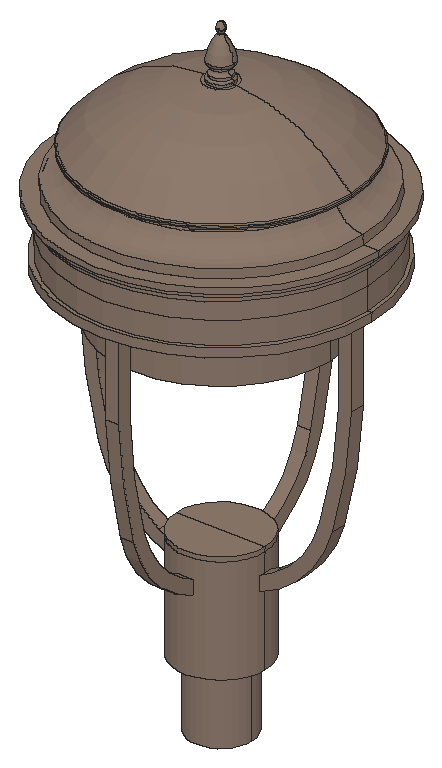
Revit family "LA199", category Generic Models, Revit 2017
Family settings
  Can host rebar = No
  Round Connector Dimension = Use Diameter
  Part Type = Normal
  Work Plane-Based = No
  Always vertical = Yes
  Cut with Voids When Loaded = No
  Shared = No
  Room Calculation Point = No
Parameters
  LUMINARE = Bronze, Architectural
  GLASS = Glass
Reference planes (in)
  plane 1 "Center (Front/Back)": y = 0
  plane 2: z = 0
  plane 3 "Center (Left/Right)": x = 0
Forms (in)
  Revolve 1, solid, material "Bronze, Architectural" <- "LUMINARE"
    sketch origin (0, 0, 0) x (1, 0, 0) y (0, 0, 1)
      loop
        line (-0.71875, 32.97579) -> (0, 32.97579) -> (0, 35.97579)
        arc (0, 35.97579) -> (-0.03988, 35.96797) -> (-0.07384, 35.94566) r 0.10555
        arc (-0.07384, 35.94566) -> (-0.17047, 35.80383) -> (-0.21758, 35.63881) r 0.53875
        arc (-0.21758, 35.63881) -> (-0.22, 35.61056) -> (-0.21695, 35.58237) r 0.14688
        arc (-0.21695, 35.58237) -> (-0.19188, 35.49181) -> (-0.13955, 35.41377) r 0.29443
        arc (-0.13955, 35.41377) -> (-0.12833, 35.38133) -> (-0.13385, 35.34746) r 0.07016
        arc (-0.13385, 35.34746) -> (-0.51685, 34.71219) -> (-0.71772, 33.9981) r 2.7727
        arc (-0.71772, 33.9981) -> (-0.68861, 33.89678) -> (-0.59375, 33.85079) r 0.12932
        line (-0.59375, 33.85079) -> (-0.58786, 33.72579)
        arc (-0.58786, 33.72579) -> (-0.40036, 33.53829) -> (-0.58786, 33.35079) r 0.1875
        line (-0.58786, 33.35079) -> (-0.59375, 33.22579)
        arc (-0.59375, 33.22579) -> (-0.68214, 33.18918) -> (-0.71875, 33.10079) r 0.125
        line (-0.71875, 33.10079) -> (-0.71875, 32.97579)
      axis (0, 35.97579) -> (0, 32.97579)
    angle from 0 to 360
  Revolve 2, solid, material "Bronze, Architectural" <- "LUMINARE"
    sketch origin (0, 0, 0) x (1, 0, 0) y (0, 0, 1)
      loop
        line (-0.15625, 32.97579) -> (-0.90625, 32.97579)
        arc (-0.90625, 32.97579) -> (-4.46264, 32.04561) -> (-7.34084, 29.75888) r 8.90994
        arc (-7.34084, 29.75888) -> (-7.36469, 29.71864) -> (-7.375, 29.67301) r 0.15008
        line (-7.375, 29.67301) -> (-7.375, 29.59233)
        arc (-7.375, 29.59233) -> (-7.34121, 29.50685) -> (-7.25811, 29.46759) r 0.125
        line (-7.25811, 29.46759) -> (-6.18012, 29.45787) -> (-6.18012, 28.91584) -> (-6.56274, 28.91584)
        arc (-6.56274, 28.91584) -> (-7.16154, 28.1895) -> (-8.0625, 27.91676) r 1.62586
        line (-8.0625, 27.91676) -> (-8.07996, 27.41676) -> (-8.9375, 27.41676) -> (-8.9375, 27.10426) -> (-8.6875, 27.10426) -> (-8.6875, 26.79176) -> (-8.5, 26.79176) -> (-8.5, 26.47926) -> (-8.3125, 26.47926) -> (-8.3125, 25.41676) -> (-8.3125, 24.16676) -> (-8.5625, 24.16676) -> (-8.5625, 23.66676) -> (-7.75, 23.66676) -> (-7.75, 23.41676) -> (-6.25, 23.41676) -> (-6.25, 23.91676) -> (-7.94164, 23.91676) -> (-7.94164, 27.79596)
        arc (-7.94164, 27.79596) -> (-7.07698, 28.09575) -> (-6.48169, 28.79084) r 1.75086
        line (-6.48169, 28.79084) -> (-6.05512, 28.79084) -> (-6.05512, 29.59252) -> (-7.25, 29.59252) -> (-7.25, 29.67258)
        arc (-7.25, 29.67258) -> (-4.4119, 31.93123) -> (-0.90324, 32.85079) r 8.78494
        line (-0.90324, 32.85079) -> (-0.15625, 32.85079) -> (-0.15625, 32.97579)
      axis (0, 32.97579) -> (0, 23.41676)
    angle from 0 to 360
  Revolve 3, solid, material "Bronze, Architectural" <- "LUMINARE"
    sketch origin (0, 0, 0) x (1, 0, 0) y (0, 0, 1)
      loop
        line (-2.5, 9.875) -> (-2.5, 3.875) -> (-1.75, 3.875) -> (-1.75, 0) -> (-1.5, 0) -> (-1.5, 4.125) -> (-2.25, 4.125) -> (-2.25, 9.625) -> (-0.375, 9.625) -> (-0.375, 9.875) -> (-2.5, 9.875)
      axis (0, 9.875) -> (0, 0)
    angle from 0 to 360
  Sweep 4, solid, material "Bronze, Architectural" <- "LUMINARE"
    path origin (0, 0, 0) x (1, 0, 0) y (0, 0, 1)
      loop
        line (-7.3397, 23.66676) -> (-7.3397, 18.97595)
        arc (-7.3397, 18.97595) -> (-7.00045, 15.75439) -> (-6.28624, 12.59473) r 27.61202
        arc (-6.28624, 12.59473) -> (-5.20805, 10.46734) -> (-3.42372, 8.8848) r 6.37769
        arc (-3.42372, 8.8848) -> (-2.84604, 8.57189) -> (-2.24467, 8.30739) r 8.00854
    profile origin (-7.3397, 0, 21.32135) x (0, -1, 0) y (1, 0, 0)
      loop
        line (0.375, 0.375) -> (-0.375, 0.375) -> (-0.375, -0.375) -> (0.375, -0.375) -> (0.375, 0.375)
  Revolve 5, solid, material "Bronze, Architectural" <- "LUMINARE"
    sketch origin (0, 0, 0) x (1, 0, 0) y (0, 0, 1)
      loop
        line (-6.25, 23.91676) -> (-6.25, 20.91676) -> (-5.5, 20.91676) -> (-5.5, 21.16676) -> (-6, 21.16676) -> (-6, 24.16676) -> (-6.75, 24.16676) -> (-6.75, 23.91676) -> (-6.25, 23.91676)
      axis (0, 24.16676) -> (0, 20.91676)
    angle from 0 to 360
  Revolve 6, solid, material "Glass" <- "GLASS"
    sketch origin (0, 0, 0) x (1, 0, 0) y (0, 0, 1)
      loop
        line (-5.73996, 21.16676) -> (0, 21.16676) -> (0, 21.29176) -> (-5.73996, 21.29176) -> (-5.73996, 21.16676)
      axis (0, 21.29176) -> (0, 21.16676)
    angle from 0 to 360
  Revolve 7, solid, material "Bronze, Architectural" <- "LUMINARE"
    sketch origin (0, 0, 0) x (1, 0, 0) y (0, 0, 1)
      loop
        line (0, 10.125) -> (-2.5, 10.125) -> (-2.5, 9.875) -> (0, 9.875) -> (0, 10.125)
      axis (0, 10.125) -> (0, 9.875)
    angle from 0 to 360
  Sweep 8, solid, material "Bronze, Architectural" <- "LUMINARE"
    path origin (0, 0, 0) x (-1, 0, 0) y (0, 0, 1)
      loop
        line (-7.3397, 23.66676) -> (-7.3397, 18.97595)
        arc (-7.3397, 18.97595) -> (-7.00045, 15.75439) -> (-6.28624, 12.59473) r 27.61202
        arc (-6.28624, 12.59473) -> (-5.20805, 10.46734) -> (-3.42372, 8.8848) r 6.37769
        arc (-3.42372, 8.8848) -> (-2.84604, 8.57189) -> (-2.24467, 8.30739) r 8.00854
    profile origin (7.3397, 0, 21.32135) x (0, -1, 0) y (1, 0, 0)
      loop
        line (0.375, -0.375) -> (0.375, 0.375) -> (-0.375, 0.375) -> (-0.375, -0.375) -> (0.375, -0.375)
  Sweep 9, solid, material "Bronze, Architectural" <- "LUMINARE"
    path origin (0, 0, 0) x (0, -1, 0) y (0, 0, 1)
      loop
        line (-7.3397, 23.66676) -> (-7.3397, 18.97595)
        arc (-7.3397, 18.97595) -> (-7.00045, 15.75439) -> (-6.28624, 12.59473) r 27.61202
        arc (-6.28624, 12.59473) -> (-5.20805, 10.46734) -> (-3.42372, 8.8848) r 6.37769
        arc (-3.42372, 8.8848) -> (-2.84604, 8.57189) -> (-2.24467, 8.30739) r 8.00854
    profile origin (0, 7.3397, 21.32135) x (-1, 0, 0) y (0, -1, 0)
      loop
        line (0.375, 0.375) -> (-0.375, 0.375) -> (-0.375, -0.375) -> (0.375, -0.375) -> (0.375, 0.375)
  Sweep 10, solid, material "Bronze, Architectural" <- "LUMINARE"
    path origin (0, 0, 0) x (0, 1, 0) y (0, 0, -1)
      loop
        line (-7.3397, -23.66676) -> (-7.3397, -18.97595)
        arc (-7.3397, -18.97595) -> (-7.00045, -15.75439) -> (-6.28624, -12.59473) r 27.61202
        arc (-6.28624, -12.59473) -> (-5.20805, -10.46734) -> (-3.42372, -8.8848) r 6.37769
        arc (-3.42372, -8.8848) -> (-2.84604, -8.57189) -> (-2.24467, -8.30739) r 8.00854
    profile origin (0, -7.3397, 21.32135) x (-1, 0, 0) y (0, -1, 0)
      loop
        line (0.375, -0.375) -> (0.375, 0.375) -> (-0.375, 0.375) -> (-0.375, -0.375) -> (0.375, -0.375)
Dimensions and locks (in)
  aligned and locked: plane 2 to level
